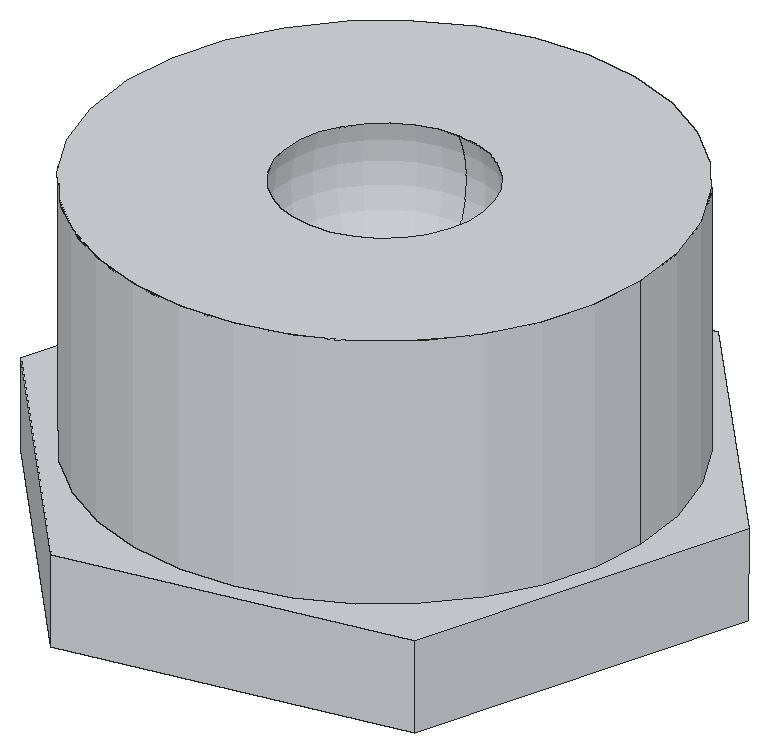
Revit family "HSP2B", category Generic Models, Revit 2017
Family settings
  Can host rebar = No
  Round Connector Dimension = Use Diameter
  Part Type = Normal
  Work Plane-Based = Yes
  Always vertical = No
  Cut with Voids When Loaded = No
  Shared = No
  Room Calculation Point = No
Parameters (values of type "NBS Standard Parameters")
  Weight = "0.0628Kg"
  WarrantyStartDate [instance] = "1900-12-31T23:59:59"
  WarrantyGuarantorParts = "n/a"
  WarrantyGuarantorLabor = "n/a"
  WarrantyDurationUnit = "1 year"
  WarrantyDurationParts = "n/a"
  WarrantyDurationLabor = "n/a"
  WarrantyDescription = "n/a"
  Version = "1"
  Uniclass2 = "Pr_65_70_11_20"
  TagNumber [instance] = "n/a"
  SustainabilityPerformance = "n/a"
  Size = "25mm"
  Shape = "Circular"
  SerialNumber [instance] = "n/a"
  Revision = "n/a"
  ReplacementCost = "n/a"
  ProductInformation = "www.metpro.co.uk/pdf/hsp2g.pdf"
  NominalWidth = 26.5 mm
  NominalLength = 26.5 mm
  NominalHeight = 15 mm
  Name = ""
  NBSTypeID = ""
  NBSReference = "90-55-10/460"
  NBSOfficeMasterTag = ""
  NBSNote = ""
  NBSDescription = "Conduit Fittings"
  NBSCertification = ""
  ModelReference = "HSP2B"
  ModelNumber = "n/a"
  Material = "Steel"
  ManufacturerURL = "www.metpro.co.uk"
  ManufacturerName = "Metpro Ltd"
  Keynote = "Compliant to LU Standard 1-085"
  InstallationDate [instance] = "1900-12-31T23:59:59"
  IfcExportType = ""
  IfcExportAs = ""
  Grade = "n/a"
  Finish = "Black"
  Features = "n/a"
  ExpectedLife = "n/a"
  DurationUnit = "year"
  Description = "HSP2B  25mm HexagonalConduit Stopping Plug"
  Default Elevation = 1219.2 mm
  Constituents = "n/a"
  Color = "n/a"
  CodePerformance = "n/a"
  Category = "n/a"
  BarCode [instance] = "n/a"
  BIMObjectName = "Metpro_Metprolibrary_Conduitfittings_Metalcomponents_Steelaccessories"
  Author = "Metpro Limited"
  AssetType = ""
  AssetIdentifier [instance] = "n/a"
  AccessibilityPerformance = "n/a"
Reference planes
  plane 1 "Center (Front/Back)": y = 0
  plane 2: z = 0
  plane 3 "Center (Left/Right)": x = 0
Forms (mm)
  Extrusion 1, solid
    sketch origin (15, -199.828, 6.25) x (0, 1, 0) y (-1, 0, 0)
      loop
        circle (0, 0) r 12.5
    from 0 to 11.5
  Extrusion 2, solid
    sketch origin (15, -199.828, 6.25) x (0, 1, 0) y (-1, 0, 0)
      loop
        line (-3.463, 15) -> (-14.722, 4.501) -> (-11.259, -10.499) -> (3.463, -15) -> (14.722, -4.501) -> (11.259, 10.499) -> (-3.463, 15)
    from -4 to 0
  Revolve 3, void
    sketch origin (15.003, -199.828, 38.598) x (0, 0, 1) y (0, -1, 0)
      loop
        arc (-18, 0) -> (-23, 5) -> (-28, 0) r 5
        line (-28, 0) -> (-18, 0)
      axis (-18, 0) -> (-28, 0)
    angle from 0 to 360
Cuts and joins
  Revolve 3 cuts Extrusion 1
Dimensions and locks
  aligned and locked: level to plane 2
